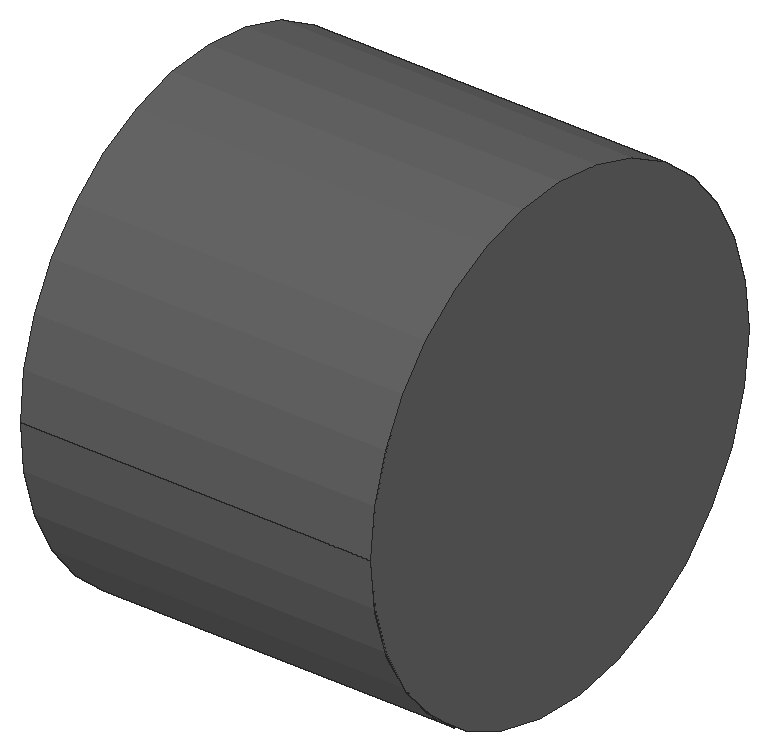
Revit family "Couplings-Flexible-Champion_Couplings-MI-FLEX-CL_Series", category Pipe Fittings, Revit 2014
Parameters (values of type "MI-FLEX-CL-400")
  Width B = 4.630"
  Width A = 5.380"
  Waste Connection = no
  Warranty Information = "1 Year Warranty"  # constant formula
  Vent Connection = no
  URL = "http://www.mifab.com"
  Tick Size = Width A * 0.4  # 2.152"
  Standard Listings & Approval = "CSA Approved, U.P.C. Approved"  # constant formula
  Product Page URL = "http://www.mifab.com/Catalog/No_Hub_Couplings/MIFLEXCL_FLEXIBLE_COUPLINGS__CLAY_TO_CI_OR_PLASTIC.html"
  Product Documentation Link = "http://www.mifab.com/Catalog/Library/MI-FLEX-CL-spec_sheet.pdf"
  Price = "Prices may vary. Please consult Manufacturer Representative for most up-to-date price list."  # constant formula
  Pipe Size Description = "4\" Clay x 4\" CI / PL Flexible coupling"
  Pipe Outlet Connection Diameter = 4.000"
  Pipe Inlet Connection Diameter = 4.000"
  Pallet Quantity = "1200"
  Nominal Diameter = 4.000"
  Model = "MI-FLEX-CL"
  Material = "Rubber-Champion Couplings-Flexible Rubber"  # constant formula
  Masking Reg 2 = yes
  Masking Reg 1 = no
  Manufacturer = "Champion Couplings"  # constant formula
  List Price (Each Piece) = 17
  Nominal Height = 4.000"
  Height = 4.000"
  HW Connection = no
  Description = " MIFAB® Series MI-FLEX-CL (specify size) of flexible rubber couplings are manufactured from an elastomeric\r\ncompound that meets the requirements of ASTM C-564 and 300 Series of stainless steel clamps tightened with 5/16” Type 300\r\nstainless steel hex head screws. The MI-FLEX-CL Series of flexible couplings are tested and certified to ASTM Standard 1173-\r\n2010 and CSA Standard B602-2010 and listed with I.A.P.M.O. All models and listed to the National Plumbing Code of Canada\r\nand relevent Canadian Standard(s) and bear the cUPC mark of conformity. "  # constant formula
  Creation Date = "\"2/25/2016\""
  Carton Quantity = "60"
  CW Connection = yes
  Assembly Code = "D2090800"
Types (8): name | Width B | Width A | Tick Size | Pipe Size Description | Pipe Outlet Connection Diameter | Pipe Inlet Connection Diameter | Pallet Quantity | Nominal Diameter | List Price (Each Piece) | Nominal Height | Height | Carton Quantity
  (no name) | 4.630" | 5.380" | 2.152" | "4\" Clay x 4\" CI / PL Flexible coupling" | 4.000" | 4.000" | "1200" | 4.000" | 17 | 4.000" | 4.000" | "60"
  MI-FLEX-CL-400 | 4.630" | 5.380" | 2.152" | "4\" Clay x 4\" CI / PL Flexible coupling" | 4.000" | 4.000" | "1200" | 4.000" | 17 | 4.000" | 4.000" | "60"
  MI-FLEX-CL-500 | 5.650" | 6.200" | 2.480" | "5\" Clay x 5\" CI / PL Flexible coupling" | 5.000" | 5.000" | "360" | 5.000" | 29 | 5.000" | 5.000" | "30"
  MI-FLEX-CL-650 | 4.410" | 7.560" | 3.024" | "6\" Clay x 4\" CI / PL Flexible coupling" | 4.000" | 6.000" | "500" | 4.410" | 43 | 2.750" | 5.500" | "20"
  MI-FLEX-CL-600 | 6.150" | 7.560" | 3.024" | "6\" Clay x 6\" CI / PL Flexible coupling" | 6.000" | 6.000" | "400" | 5.875" | 36.5 | 6.000" | 6.000" | "20"
  MI-FLEX-CL-860 | 6.310" | 9.430" | 3.772" | "8\" Clay x 6\" CI / PL Flexible coupling" | 6.000" | 8.000" | "192" | 6.310" | 67.5 | 3.000" | 6.000" | "8"
  MI-FLEX-CL-800 | 8.750" | 9.900" | 3.960" | "8\" Clay x 8\" CI / PL Flexible coupling" | 8.000" | 8.000" | "192" | 6.310" | 56.25 | 6.000" | 6.000" | "8"
  MI-FLEX-CL-1000 | 8.750" | 9.900" | 3.960" | "8\" Clay x 8\" CI / PL Flexible coupling" | 8.000" | 8.000" | "88" | 8.000" | 84.25 | 5.750" | 5.750" | "8"
Reference planes (in)
  plane 1 "Center (Front/Back)": y = 0
  plane 2: z = 0
  plane 3 "Center (Left/Right)": x = 0
  plane 4: x = -2
  plane 5: x = 2
  plane 6: x = 2
  plane 7: y = 2.69
  plane 8: y = -2.69
  plane 9: y = 2
  plane 10: y = -2
  plane 11: y = 2.69
  plane 12: y = -2.69
  plane 13: y = -2
  plane 14: y = 2
Forms (in)
  Extrusion 1, solid, material "Rubber-Champion Couplings-Flexible Rubber"
    sketch origin (0, 0, 0) x (0, 1, 0) y (0, 0, 1)
      loop
        circle (0, 0) r 2.69
    from -2 to 2
  Revolve 2, solid, material "Rubber-Champion Couplings-Flexible Rubber"
    sketch origin (0, 0, 0) x (1, 0, 0) y (0, 1, 0)
      loop
        line (0, 2.69) -> (0, 0) -> (2, 0) -> (2, 2) -> (0.69, 2) -> (0, 2.69)
      axis (0, 0) -> (2, 0)
    angle from 0 to 360
Cuts and joins
  joined: Extrusion 1, Revolve 2
Lines and regions (in)
  Masking region 1, visible <- "Masking Reg 2", detail levels fine
    outline origin (0, 0, 0) x (1, 0, 0) y (0, 1, 0)
      loop
        line (-2, 2.69) -> (-2, -2.69) -> (0, -2.69) -> (0.69, -2) -> (2, -2) -> (2, 2) -> (0.69, 2) -> (0, 2.69) -> (-2, 2.69)
  Masking region 2, visible <- "Masking Reg 1", detail levels fine
    outline origin (0, 0, 0) x (1, 0, 0) y (0, 1, 0)
      loop
        line (-2, 2.69) -> (-2, -2.69) -> (2, -2.69) -> (2, 2.69) -> (-2, 2.69)
  model lines, detail levels coarse+medium
    curve 1: line (-2, 2.152, 0) -> (-2, -2.152, 0)
    curve 2: line (2, 2.152, 0) -> (2, -2.152, 0)
    curve 3: line (2, 0, 0) -> (-2, 0, 0)
Dimensions and locks (in)
  "Height": plane 4 to plane 5
  equal spacing: plane 4, plane 3 "Center (Left/Right)", plane 5
  "Tick Size": plane 1 "Center (Front/Back)" to curve 1
  "Tick Size": curve 1 to plane 1 "Center (Front/Back)"
  "Tick Size": plane 1 "Center (Front/Back)" to curve 2
  "Tick Size": curve 2 to plane 1 "Center (Front/Back)"
  "Nominal Height": plane 4 to plane 6
  "Width A": plane 8 to plane 7
  equal spacing: plane 8, plane 1 "Center (Front/Back)", plane 7
  "Nominal Diameter": plane 9 to plane 10
  equal spacing: plane 9, plane 1 "Center (Front/Back)", plane 10
  "Width A": plane 11 to plane 12
  "Nominal Diameter": plane 13 to plane 14
  equal spacing: plane 11, plane 1 "Center (Front/Back)", plane 12
  equal spacing: plane 13, plane 1 "Center (Front/Back)", plane 14
  "Width A": Masking region 2 sketch curve to Masking region 2 sketch curve
  equal spacing: Masking region 2 sketch curve, plane 1 "Center (Front/Back)", Masking region 2 sketch curve
  "Width A": diameter of Extrusion 1 sketch curve
  locked: plane 6 to Revolve 2 sketch curve (angle 45.00°)
  locked: plane 3 "Center (Left/Right)" to Masking region 1 sketch curve (angle 45.00°)
  locked: Masking region 1 sketch curve to plane 3 "Center (Left/Right)" (angle 45.00°)
  aligned and locked: Extrusion 1 to plane 4
  aligned and locked: curve 3 to plane 1 "Center (Front/Back)"
  aligned and locked: curve 1 to plane 4
  aligned and locked: plane 5 to curve 2
  aligned and locked: Extrusion 1 to plane 6
  aligned and locked: plane 3 "Center (Left/Right)" to Revolve 2 sketch curve
  aligned and locked: plane 7 to Revolve 2 sketch curve
  aligned and locked: plane 5 to Revolve 2 sketch curve
  aligned and locked: Revolve 2 sketch curve to plane 1 "Center (Front/Back)"
  aligned and locked: Revolve 2 sketch curve to plane 9
  aligned and locked: Masking region 1 sketch curve to plane 11
  aligned and locked: Masking region 1 sketch curve to plane 12
  aligned and locked: Masking region 1 sketch curve to plane 4
  aligned and locked: plane 14 to Masking region 1 sketch curve
  aligned and locked: Masking region 1 sketch curve to plane 13
  aligned and locked: plane 5 to Masking region 1 sketch curve
  aligned and locked: Masking region 2 sketch curve to plane 4
  aligned and locked: Masking region 2 sketch curve to plane 5
Automatic sketch dimensions
  Extrusion 1 sketch curve to level = 0.000"
  Extrusion 1 sketch curve to plane 1 "Center (Front/Back)" = 0.000"
  plane 1 "Center (Front/Back)" to Revolve 2 sketch curve = 0.000"
  Revolve 2 sketch curve to plane 4 = 0.250"
  Revolve 2 sketch curve to Revolve 2 sketch curve = 0.750"
  Masking region 1 sketch curve to plane 3 "Center (Left/Right)" = 0.000"  (x2)
Connectors (in)
  piping at (-2, 0, 0), diameter 4, driven by "Pipe Inlet Connection Diameter"
    settings: on Extrusion 1, index 1, connector inside diameter 24", connector length 0.000", flow factor 0, pipe flow 0 GPM, pressure drop 0.00 psi, fitting loss kfactor 0, connector angle 0.00°, fixture units 0, engagement length 0.000", angle of deflection 0.00°, flow configuration 0, flow direction 0, fitting loss method 0, system type 28, joint type 0, gender type 0, connector reference index -1, connector utility 0, adjustable connector no, is connector primary yes, connector description ""
  piping at (2, 0, 0), diameter 4, driven by "Pipe Outlet Connection Diameter"
    settings: on Revolve 2, index 2, connector inside diameter 24", connector length 0.000", flow factor 0, pipe flow 0 GPM, pressure drop 0.00 psi, fitting loss kfactor 0, connector angle 0.00°, fixture units 0, engagement length 0.000", angle of deflection 0.00°, flow configuration 0, flow direction 0, fitting loss method 0, system type 28, joint type 0, gender type 0, connector reference index -1, connector utility 0, adjustable connector no, is connector primary no, connector description ""
